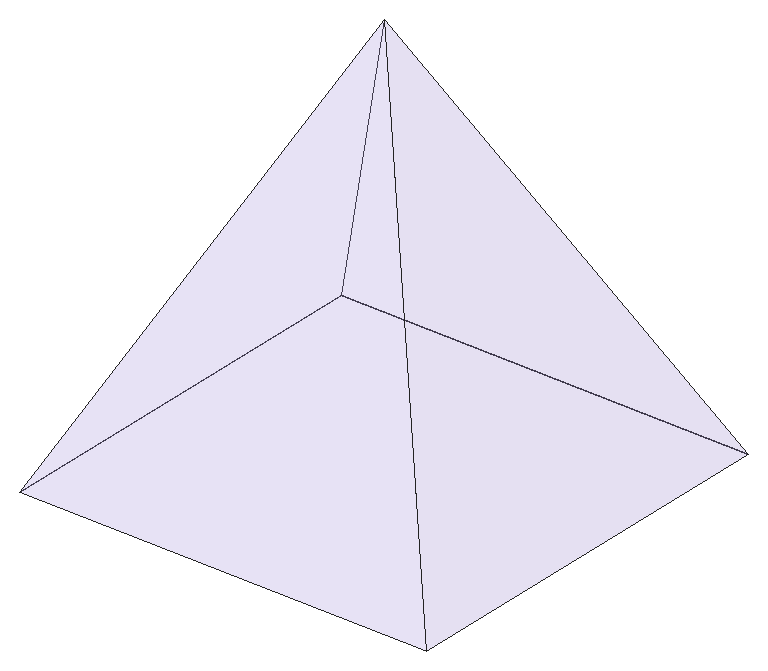
Revit family
Parameters
  Width [instance] = 9000 mm
  Mass Material [instance] = Default Mass
  Height [instance] = 9000 mm
  Depth [instance] = 9000 mm
  Default Elevation = 1219.2 mm
Reference planes
  plane 1 "Center (Front/Back)": y = 12.955
  plane 2: z = 0
  plane 3 "Center (Left/Right)": x = -30.261
  plane 4: y = 4512.955
  plane 5: x = 4469.739
  plane 6: x = -4530.261
  plane 7: y = -4487.045
  plane 8: z = 9000
Forms (mm)
  Extrusion 1, solid, material "Default Mass"
    sketch origin (0, 0, 0) x (1, 0, 0) y (0, 1, 0)
      loop
        line (-4530.261, 4512.955) -> (-4530.261, -4487.045) -> (4469.739, -4487.045) -> (4469.739, 4512.955) -> (-4530.261, 4512.955)
    from 0 to 9000
  Extrusion 2, void
    sketch origin (-30.261, 0, 0) x (0, 1, 0) y (0, 0, 1)
      loop
        line (4612.955, 0) -> (4612.955, 9100) -> (-4587.045, 9100) -> (-4587.045, 0) -> (-4437.595, 0) -> (12.955, 9000) -> (4463.504, 0) -> (4612.955, 0)
    from -4500 to 4500
  Extrusion 3, void
    sketch origin (0, 12.955, 0) x (1, 0, 0) y (0, 0, 1)
      loop
        line (-4630.261, 0) -> (-4530.261, 0) -> (-30.261, 9000) -> (4469.739, 0) -> (4569.739, 0) -> (4569.739, 9100) -> (-4630.261, 9100) -> (-4630.261, 0)
    from -4500 to 4500
Cuts and joins
  Extrusion 2, Extrusion 3 cuts Extrusion 1
Dimensions and locks
  equal spacing: plane 6, plane 3 "Center (Left/Right)", plane 5
  "Width": plane 6 to plane 5
  equal spacing: plane 4, plane 1 "Center (Front/Back)", plane 7
  "Depth": plane 4 to plane 7
  locked: Extrusion 2 sketch curve to plane 4 at 100
  locked: Extrusion 2 sketch curve to plane 8 at 100
  locked: plane 7 to Extrusion 2 sketch curve at 100
  locked: plane 5 to Extrusion 3 sketch curve at 100
  locked: Extrusion 3 sketch curve to plane 8 at 100
  locked: plane 6 to Extrusion 3 sketch curve at 100
  "Height": plane 8 to plane 2
  locked: plane 2 to level
  aligned and locked: Extrusion 1 sketch curve to plane 5
  aligned and locked: Extrusion 1 sketch curve to plane 4
  aligned and locked: Extrusion 1 sketch curve to plane 7
  aligned and locked: Extrusion 1 sketch curve to plane 6
  aligned and locked: plane 8 to Extrusion 1
  aligned and locked: cut or joined group of Extrusion 1, Extrusion 2, Extrusion 3 to Extrusion 2 sketch curve
  aligned and locked: Extrusion 2 to plane 6
  aligned and locked: Extrusion 2 to plane 5
  aligned and locked: Extrusion 3 sketch curve to cut or joined group of Extrusion 1, Extrusion 2, Extrusion 3  (x2)
  aligned and locked: cut or joined group of Extrusion 1, Extrusion 2, Extrusion 3 to Extrusion 3 sketch curve  (x2)
  aligned and locked: Extrusion 3 to plane 4
  aligned and locked: Extrusion 3 to plane 7
  aligned and locked: Extrusion 1 to plane 2
  aligned and locked: Extrusion 2 sketch curve to plane 2  (x2)
Automatic sketch dimensions
  Extrusion 3 sketch curve to plane 3 "Center (Left/Right)" = 0 mm
  Extrusion 3 sketch curve to plane 5 = 0 mm
  Extrusion 2 sketch curve to plane 1 "Center (Front/Back)" = 0 mm
  plane 7 to Extrusion 2 sketch curve = 49.451 mm
  Extrusion 2 sketch curve to plane 4 = 49.451 mm
